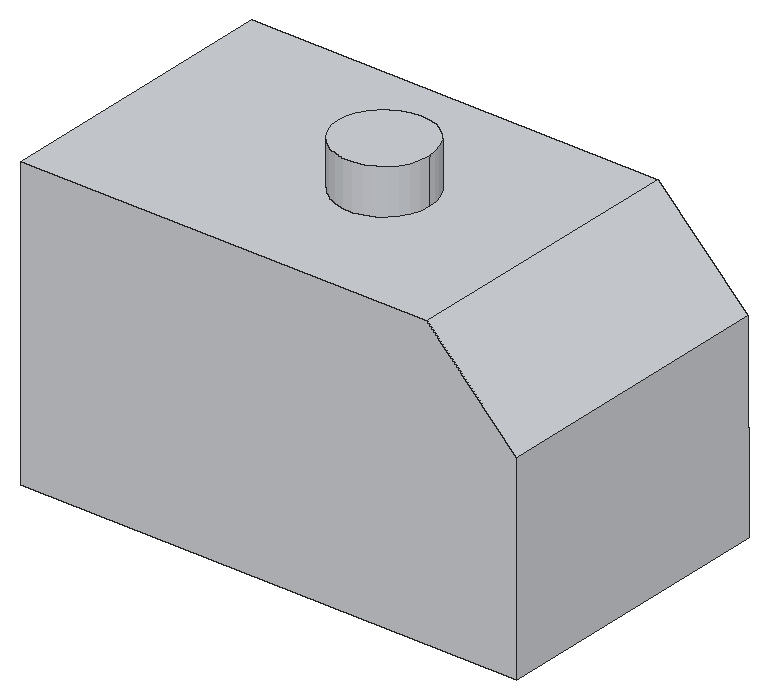
Revit family "M_Pacote de alimentação do sensor de baixa voltagem", category Dispositivos de iluminação, Revit 2019
Family settings
  Manter orientação da anotação = Não
  Cota do conector redondo = Utilizar diâmetro
  Tipo de parte = Interruptor
  Número OmniClass = 23.85.80.11.27
  Título OmniClass = Lighting Controls
  ID de item do Seek = Low Voltage Sensor Power Pack-0000-CAN-ENU
  Com base no plano de trabalho = Não
  Sempre na vertical = Sim
  Corte com vazios quando carregada = Não
  Compartilhado = Não
  Ponto de cálculo do ambiente = Não
Parameters (values of type "277 V")
  Voltagem do sensor = 277 V
  Número de pólos do sensor = 1
  Largura do pacote = 40.7 mm
  Comprimento do pacote = 69.9 mm
  Altura do pacote = 40.7 mm
  Raio nominal do nipple = 6.4 mm
  Diâmetro nominal do nipple = Raio nominal do nipple * 2  # 12.8 mm
  Material = none
  Classificação de carga = Outros
  Carga aparente = 0 VA
Types (3, lengths in mm): name | Voltagem do sensor
  (no name) | 277 V
  120 V | 120 V
  277 V | 277 V
Reference planes
  plane 1 "Centro (Frente/Trás)": y = 0
  plane 2: z = 0
  plane 3 "Centro (Esquerda/Direita)": x = 0
  plane 4: x = -34.95
  plane 5: x = 34.95
  plane 6: y = -40.7
  plane 7: y = -20.35
  plane 8: z = 40.7
  plane 9: z = 47.05
  plane 10: x = 22.25
  plane 11: z = 28
Forms (mm)
  Extrusion 1, solid, material <- "Material"
    sketch origin (0, 0, 0) x (1, 0, 0) y (0, 1, 0)
      loop
        circle (0, -20.35) r 6.4
    from 40.7 to 47.05
  Extrusion 2, solid, material <- "Material"
    sketch origin (0, 0, 0) x (1, 0, 0) y (0, 0, 1)
      loop
        line (-34.95, 40.7) -> (-34.95, 0) -> (34.95, 0) -> (34.95, 28) -> (22.25, 40.7) -> (-34.95, 40.7)
    from 0 to 40.7
Cuts and joins
  joined: Extrusion 1, Extrusion 2
Dimensions and locks
  equal spacing: plane 4, plane 3 "Centro (Esquerda/Direita)", plane 5
  "Comprimento do pacote": plane 4 to plane 5
  "Largura do pacote": plane 6 to plane 1 "Centro (Frente/Trás)"
  equal spacing: plane 6, plane 7, plane 1 "Centro (Frente/Trás)"
  "Altura do pacote": plane 8 to level
  locked: plane 8 to plane 11 at 12.7
  locked: plane 9 to plane 8 at 6.35
  locked: plane 5 to plane 10 at 12.7
  "Raio nominal do nipple": radius of Extrusion 1 sketch curve
  aligned and locked: plane 7 to Extrusion 1 sketch curve
  aligned and locked: plane 3 "Centro (Esquerda/Direita)" to Extrusion 1 sketch curve
  aligned and locked: Extrusion 2 sketch curve to plane 2
  aligned and locked: plane 5 to Extrusion 2 sketch curve  (x2)
  aligned and locked: Extrusion 2 sketch curve to plane 4
  aligned and locked: plane 8 to Extrusion 2 sketch curve
  aligned and locked: Extrusion 2 to plane 1 "Centro (Frente/Trás)"
  aligned and locked: Extrusion 2 to plane 6
  aligned and locked: plane 9 to Extrusion 1
  aligned and locked: Extrusion 1 to plane 8
Automatic sketch dimensions
  Extrusion 2 sketch curve to plane 10 = 0 mm
  Extrusion 2 sketch curve to plane 11 = 0 mm
Connectors
  electrical at (0, -20.35, 47.05), driven by "Carga aparente", driven by "Voltagem do sensor", driven by "Número de pólos do sensor", driven by "Classificação de carga"
    settings: on Extrusion 1, index 1, voltage 277 V, apparent load 0 VA, apparent load phase1 0 VA, apparent load phase2 0 VA, apparent load phase3 0 VA, power factor 1, load classification "Outros", number of poles 1, system type 31, power factor state 1, is connector primary yes, connector utility no, sub classification motor no, connector description ""
  electrical at (34.95, -20.35, 14)
    settings: on Extrusion 2, index 2, voltage 0 V, apparent load 0 VA, apparent load phase1 0 VA, apparent load phase2 0 VA, apparent load phase3 0 VA, power factor 1, load classification "Outros", number of poles 1, system type 13, power factor state 1, is connector primary no, connector utility no, sub classification motor no, connector description ""
